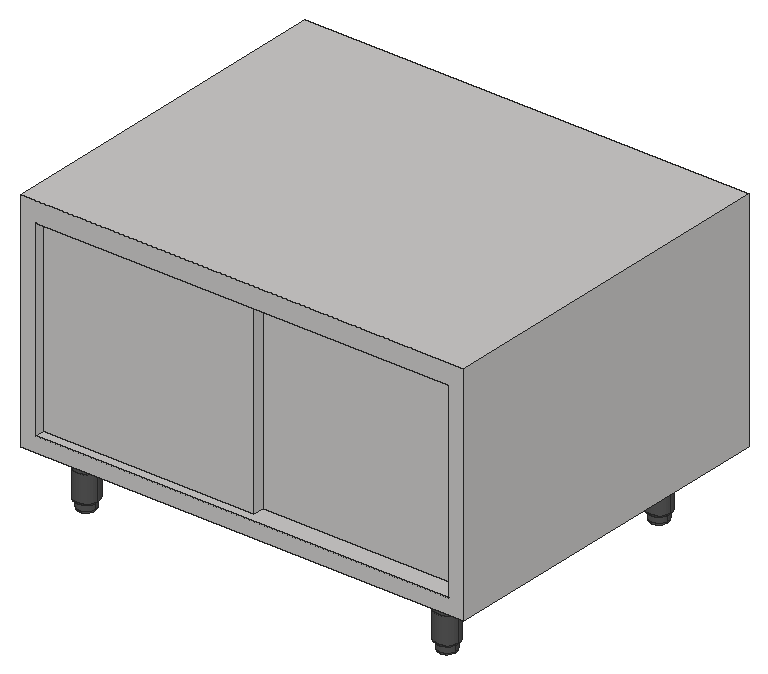
Revit family "QF_CAPIC_ETUVE_W293047", category Equipement spécialisé, Revit 2018
Family settings
  Cote de connecteur circulaire = Utiliser le diamètre
  Type d'élément = Normal
  Numéro OmniClass = 23.40.40.14
  Titre OmniClass = Food Service Equipment
  Basée sur le plan de construction = Non
  Toujours verticalement = Oui
  Couper avec des vides une fois chargée = Non
  Partagée = Non
  Point de calcul de pièce = Non
Parameters (values of type "L=1000mm")
  URL catalogue = "http://www.capic-fr.com/fr/"
  Type de Raccord Plomberie [instance] = ""
  Type de Raccord Electrique [instance] = "Bornier interne"
  Type de Gaz = ""
  Type article [instance] = ""
  Tension = 400 V
  Spécification du Fabricant = ""
  Show Logo = yes
  Remarques evacuation [instance] = ""
  Remarques Plomberie [instance] = ""
  Remarques Electricité [instance] = "400Vx3 +T"
  Puissance électrique  = 2100 W
  Puissance Gaz kW = 0
  Profondeur hors tout = 801 mm
  Pression Maximum Eau Adoucie = 0.0 Pa
  Poids net à vide = 80.00 kg
  Phase = 3
  Modèle = "W293047"
  Longueur porte = Longueur hors tout / 2 - 25 mm  # 475 mm
  Longueur hors tout = 1000 mm
  Intensité nominale = 0 A
  Hauteur hors tout = 630 mm
  Hauteur de Raccordement du Sol Finis = 240 mm
  Hauteur de Raccordement Gaz du Sol Finis = 0 mm
  Hauteur de Raccordement Evacuation Directe du Sol Finis = 0 mm
  Hauteur de Raccordement Eau Froide du Sol Finis = 0 mm
  Hauteur de Raccordement Eau Chaude du Sol Finis = 0 mm
  Hauteur de Raccordement Eau Adoucie du Sol Finis = 0 mm
  Fréquence = 50 Hz
  Fabricant = "CAPIC"
  Débit d'air d'extraction = 0.0 m³/h
  Débit Gaz = 0.0 L/s
  Débit Eau Froide = 0.0 L/s
  Débit Eau Chaude = 0.0 L/s
  Débit Eau Adoucie = 0.0 L/s
  Diamètre de Raccordement Gaz = 0 mm
  Diamètre de Raccordement Evacuation = 0 mm
  Diamètre de Raccordement Eau Froide = 0 mm
  Diamètre de Raccordement Eau Chaude = 0 mm
  Diamètre de Raccordement Eau Adoucie = 0 mm
  Description = "Placard chauffant 2 portes coulissantes"
  Assembly Code = ""
  Classification  Omniclass nombre et titre = ""
Reference planes
  plane 1 "Centre (avant/arrière)": y = 0
  plane 2: z = 0
  plane 3 "Centre (gauche/droite)": x = 0
  plane 4 "Centre G/E": y = 0
  plane 5: y = -838
  plane 6: x = 1000
  plane 7: x = 998
  plane 8: x = 2
  plane 9: x = 965
  plane 10: y = -818
  plane 11: x = 958
  plane 12: y = -223
  plane 13: y = -820
  plane 14: z = 141
  plane 15: x = 42
  plane 16: x = 35
  plane 17: y = -182
  plane 18: z = 621
  plane 19: z = 120
  plane 20: y = -37
  plane 21: x = 510
  plane 22: x = 490
Forms (mm)
  Extrusion 1, solid, material "QF_Stainless Steel-Brushed"
    sketch origin (1480, 0, 0) x (1, 0, 0) y (0, 0, 1)
      loop
        line (-1480, 630) -> (-1480, 120) -> (-480, 120) -> (-480, 630) -> (-1480, 630)
    from 838 to 37
  Extrusion 2, void
    sketch origin (1480, 0, 0) x (1, 0, 0) y (0, 0, 1)
      loop
        line (-1445, 155.456) -> (-515, 155.456) -> (-515, 585.456) -> (-1445, 585.456) -> (-1445, 155.456)
    from 838 to 182
  Extrusion 3, void
    sketch origin (1480, 0, 0) x (1, 0, 0) y (0, 1, 0)
      loop
        line (-1445, -182) -> (-1445, -820) -> (-515, -820) -> (-515, -182) -> (-1445, -182)
    from 120 to 141
  Extrusion 4, solid, material "QF_Stainless Steel-Brushed"
    sketch origin (0, 0, 0) x (1, 0, 0) y (0, 1, 0)
      loop
        line (35, -818) -> (510, -818) -> (510, -793) -> (35, -793) -> (35, -818)
    from 155.456 to 585.456
  Extrusion 5, solid, material "QF_Stainless Steel-Brushed"
    sketch origin (0, 0, 0) x (1, 0, 0) y (0, 1, 0)
      loop
        line (490, -793) -> (965, -793) -> (965, -768) -> (490, -768) -> (490, -793)
    from 155.456 to 585.456
Cuts and joins
  Extrusion 2, Extrusion 3 cuts Extrusion 1
Lines and regions (mm)
  model lines
    curve 1: line (890, -793, 425.451) -> (945, -793, 425.451)
    curve 2: line (890, -793, 315.451) -> (890, -793, 425.451)
    curve 3: line (945, -793, 315.451) -> (890, -793, 315.451)
    curve 4: line (945, -793, 425.451) -> (945, -793, 315.451)
    curve 5: line (938, -793, 418.451) -> (897, -793, 418.451)
    curve 6: line (897, -793, 418.451) -> (897, -793, 322.451)
    curve 7: line (938, -793, 322.451) -> (938, -793, 418.451)
    curve 8: line (897, -793, 322.451) -> (938, -793, 322.451)
    curve 17: line (55, -818, 425.451) -> (110, -818, 425.451)
    curve 18: line (55, -818, 315.451) -> (55, -818, 425.451)
    curve 19: line (110, -818, 315.451) -> (55, -818, 315.451)
    curve 20: line (110, -818, 425.451) -> (110, -818, 315.451)
    curve 21: line (103, -818, 418.451) -> (62, -818, 418.451)
    curve 22: line (62, -818, 418.451) -> (62, -818, 322.451)
    curve 23: line (103, -818, 322.451) -> (103, -818, 418.451)
    curve 24: line (62, -818, 322.451) -> (103, -818, 322.451)
  model lines, not visible
    curve 9: line (890, -793, 425.451) -> (945, -793, 425.451)
    curve 10: line (890, -793, 315.451) -> (890, -793, 425.451)
    curve 11: line (945, -793, 315.451) -> (890, -793, 315.451)
    curve 12: line (945, -793, 425.451) -> (945, -793, 315.451)
    curve 13: line (938, -793, 418.451) -> (897, -793, 418.451)
    curve 14: line (897, -793, 418.451) -> (897, -793, 322.451)
    curve 15: line (938, -793, 322.451) -> (938, -793, 418.451)
    curve 16: line (897, -793, 322.451) -> (938, -793, 322.451)
    curve 25: line (45, -818, 425.451) -> (100, -818, 425.451)
    curve 26: line (45, -818, 315.451) -> (45, -818, 425.451)
    curve 27: line (100, -818, 315.451) -> (45, -818, 315.451)
    curve 28: line (100, -818, 425.451) -> (100, -818, 315.451)
    curve 29: line (93, -818, 418.451) -> (52, -818, 418.451)
    curve 30: line (52, -818, 418.451) -> (52, -818, 322.451)
    curve 31: line (93, -818, 322.451) -> (93, -818, 418.451)
    curve 32: line (52, -818, 322.451) -> (93, -818, 322.451)
Dimensions and locks
  locked: plane 9 to plane 6 at 35
  locked: plane 10 to plane 5 at 20
  "Profondeur hors tout": plane 5 to plane 20
  locked: plane 12 to plane 13 at 597
  locked: plane 7 to plane 6 at 2
  locked: plane 3 "Centre (gauche/droite)" to plane 8 at 2
  "Longueur hors tout": plane 3 "Centre (gauche/droite)" to plane 6
  locked: plane 3 "Centre (gauche/droite)" to plane 16 at 35
  locked: plane 13 to plane 5 at 18
  locked: plane 3 "Centre (gauche/droite)" to plane 15 at 42
  locked: plane 11 to plane 6 at 42
  locked: plane 17 to plane 5 at 656
  plane 14 to plane 19 to plane 2 = 21 mm locked, 120 mm locked
  locked: plane 20 to plane 4 "Centre G/E" at 37
  "Longueur porte": plane 16 to plane 21
  locked: Extrusion 4 to plane 10 at 25
  "Longueur porte": plane 22 to plane 9
  locked: Extrusion 5 to Extrusion 5 at 25
  locked: plane 6 to curve 4 at 55
  locked: curve 3 to level at 315.451
  locked: curve 18 to plane 3 "Centre (gauche/droite)" at 55
  aligned and locked: level to plane 2
  aligned and locked: Extrusion 1 to Extrusion 2
  aligned and locked: cut or joined group of Extrusion 1, Extrusion 2, Extrusion 3 to plane 5
  aligned and locked: nested 1 to plane 14
  aligned and locked: nested 2 to plane 14
  aligned and locked: nested 2 to plane 13
  aligned and locked: nested 2 to plane 15
  aligned and locked: nested 1 to plane 15
  aligned and locked: nested 1 to plane 12
  aligned and locked: nested 3 to plane 11
  aligned and locked: nested 4 to plane 11
  aligned and locked: plane 13 to nested 4
  aligned and locked: Extrusion 3 to plane 13
  aligned and locked: plane 17 to cut or joined group of Extrusion 1, Extrusion 2, Extrusion 3
  aligned and locked: plane 12 to nested 3
  aligned and locked: cut or joined group of Extrusion 1, Extrusion 2, Extrusion 3 to plane 17
  aligned and locked: plane 20 to cut or joined group of Extrusion 1, Extrusion 2, Extrusion 3
  aligned and locked: Extrusion 4 to plane 16
  aligned and locked: Extrusion 4 to plane 10  (x2)
  aligned and locked: Extrusion 4 to plane 21
  aligned and locked: Extrusion 5 to plane 22
  aligned and locked: plane 9 to Extrusion 5
  aligned and locked: Extrusion 5 to Extrusion 4
  aligned and locked: cut or joined group of Extrusion 1, Extrusion 2, Extrusion 3 to Extrusion 4  (x2)
  aligned and locked: cut or joined group of Extrusion 1, Extrusion 2, Extrusion 3 to Extrusion 5
Automatic sketch dimensions
  Extrusion 1 sketch curve to plane 3 "Centre (gauche/droite)" = 0 mm
  Extrusion 1 sketch curve to plane 6 = 0 mm
  Extrusion 1 sketch curve to plane 19 = 0 mm
  plane 18 to Extrusion 1 sketch curve = 9 mm
  Extrusion 2 sketch curve to plane 16 = 0 mm
  Extrusion 2 sketch curve to plane 9 = 0 mm
  Extrusion 2 sketch curve to plane 14 = 14.456 mm
  Extrusion 2 sketch curve to plane 18 = 35.544 mm
  Extrusion 3 sketch curve to plane 13 = 0 mm
  Extrusion 3 sketch curve to plane 16 = 0 mm
  Extrusion 3 sketch curve to plane 9 = 0 mm
  Extrusion 3 sketch curve to plane 17 = 0 mm
  Extrusion 4 sketch curve to plane 16 = 0 mm
  Extrusion 4 sketch curve to plane 21 = 0 mm
  Extrusion 4 sketch curve to plane 10 = 0 mm
  Extrusion 4 sketch curve to Extrusion 4 sketch curve = 25 mm
  Extrusion 5 sketch curve to plane 22 = 0 mm
  Extrusion 5 sketch curve to plane 9 = 0 mm
  plane 10 to Extrusion 5 sketch curve = 25 mm
  Extrusion 5 sketch curve to Extrusion 5 sketch curve = 25 mm
Nested families
  nested 1: "QF_Details_Pied" at (93.5, -223, 0), type "QF_Details_Pied"
  nested 2: "QF_Details_Pied" at (93.5, -820, 0), type "QF_Details_Pied"
  nested 3: "QF_Details_Pied" at (906.5, -223, 0), type "QF_Details_Pied"
  nested 4: "QF_Details_Pied" at (906.5, -820, 0), type "QF_Details_Pied"
Definition of nested family "QF_Details_Pied"
  Reference planes
    plane 1 "Centre (avant/arrière)": y = 0
    plane 2: z = 0
    plane 3 "Centre (gauche/droite)": x = 0
  Forms (mm)
    Extrusion 1, solid
      sketch origin (-137.492, 51.5, -340.756) x (1, 0, 0) y (0, 0, 1)
        loop
          line (85.992, 481.756) -> (85.992, 472.756) -> (188.992, 472.756) -> (188.992, 481.756) -> (85.992, 481.756)
      from -51.5 to 51.5
    Revolve 2, solid
      sketch origin (0, 51.5, -9) x (1, 0, 0) y (0, 0, 1)
        loop
          line (0, 141) -> (0, 9) -> (19.21, 9) -> (19.21, 13) -> (20.21, 13) -> (20.21, 26) -> (21.71, 26) -> (26.66, 30.95) -> (26.66, 90.95) -> (31.468, 136.698) -> (36.246, 141) -> (0, 141)
        axis (0, 141) -> (0, 9)
      angle from 0 to 360
  Dimensions and locks
    aligned and locked: level to plane 2
    aligned and locked: Extrusion 1 to Revolve 2 sketch curve
